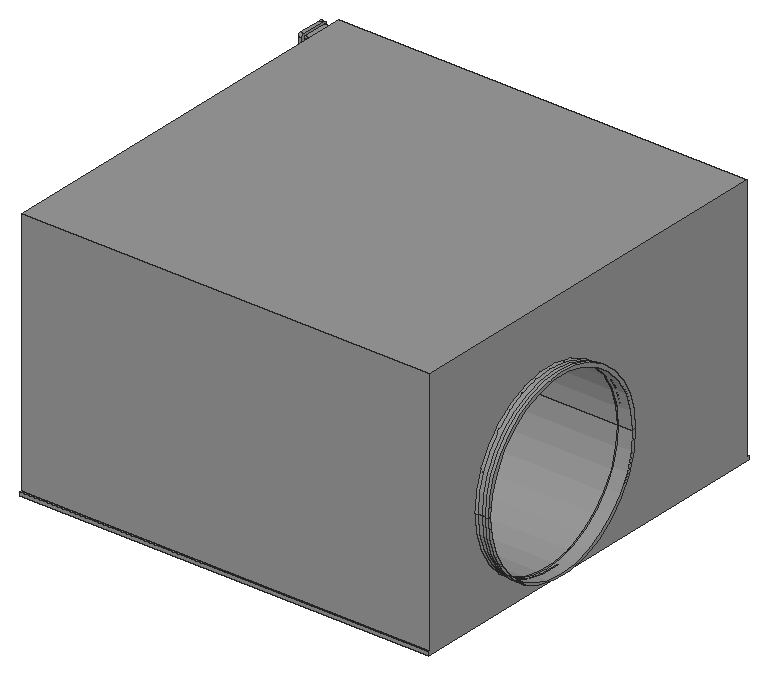
Revit family "IRB 500 E3 ErP AC_7890119", category Mechanical Equipment, Revit 2014
Parameters (values of type "IRB 500 E3 ErP AC")
  Wiring diagram = "Y 4040004 / Δ 4040003"
  Width = 1214 mm
  Weight = 89.20 kg
  Voltage range = "380-415 V"
  Voltage = 400 V
  Speed = "1371 rpm"
  Sound pressure level at 3 m = "58 dB(A)"
  Power = 1130 W
  Phase = 3
  Max. temperature of transported air when speed controlled = 60 °C
  Max. temperature of transported air = 60 °C
  Main Material = Steel, Galvanized
  Height = 1108 mm
  Frequency = 50 Hz
  Elevation [instance] = 2600 mm
  Diameter = 500 mm
  Description = "Insulated duct fans with circular connections"
  Depth = 697 mm
  Current = 2.58 A
  Capacitor = "- µF"
Reference planes
  plane 1 "Center (Front/Back)": y = 0
  plane 2: z = 0
  plane 3 "Center (Left/Right)": x = 0
  plane 4: z = 2600
Dimensions and locks
  "Elevation": plane 4 to plane 2
  aligned and locked: level to plane 2
  aligned and locked: plane 3 "Center (Left/Right)" to nested 1
  aligned and locked: plane 1 "Center (Front/Back)" to nested 1
  aligned and locked: nested 1 to nested 2  (x2)
  aligned and locked: nested 1 to plane 4
Nested families
  nested 1: "IRB" at (0, 0, 2600), type "IRB"
  nested 2: "Flow direction symbol" at (0, 0, 0), type "Flow direction symbol"
Connectors
  electrical at (-607, 502.5, 3245.5), driven by "Phase", driven by "Voltage", driven by "Power"
    settings: on nested 1, index 1, voltage 400 V, apparent load 0 VA, apparent load phase1 1130 VA, apparent load phase2 0 VA, apparent load phase3 0 VA, power factor 1, load classification "Other", number of poles 3, system type 31, power factor state 1, is connector primary yes, connector utility no, sub classification motor no, connector description ""
  hvac at (-607, -144.5, 2886), driven by "Diameter"
    settings: on nested 1, index 4, duct flow 0.0 L/s, flow factor 0, pres drop 0.0 Pa, loss coef 0, conn angle 0.00°, conn width 304.8 mm, conn height 304.8 mm, conn diameter 500 mm, duct sys type 1, conn prof type 0, flow config 0, flow direction 1, loss method 0, conn ref index -1, conn util no, is conn primary yes, conn desc ""
  hvac at (599, -144, 2886), driven by "Diameter"
    settings: on nested 1, index 5, duct flow 0.0 L/s, flow factor 0, pres drop 0.0 Pa, loss coef 0, conn angle 0.00°, conn width 304.8 mm, conn height 304.8 mm, conn diameter 500 mm, duct sys type 3, conn prof type 0, flow config 0, flow direction 2, loss method 0, conn ref index -1, conn util no, is conn primary no, conn desc ""
Definition of nested family "IRB"
  Parameters (values of type "IRB")
    Width = 1214 mm
    Main Material = Steel, Galvanized
    Height = 1108 mm
    Description = ""
    Depth = 697 mm
  Reference planes
    plane 1 "Center (Front/Back)": y = 0
    plane 2: z = 0
    plane 3 "Center (Left/Right)": x = 0
    plane 4: z = 697
    plane 5 "Horizontal Pipe Axis": z = 446
    plane 6: z = 10
    plane 7: z = 687
    plane 8: x = -565.5
    plane 9: x = 565.5
    plane 10: x = -607
    plane 11: x = 607
    plane 12: y = 554
    plane 13: y = -554
    plane 14: y = 544
    plane 15: x = -597
    plane 16: y = -144
    plane 17: z = 286
  Forms (mm)
    Extrusion 1, solid, material "Steel, Galvanized" <- "Main Material", detail levels medium+fine
      sketch origin (0, 0, 0) x (0, 1, 0) y (0, 0, 1)
        loop
          line (-554, 0) -> (554, 0) -> (554, 10) -> (549, 10) -> (549, 11) -> (549, 697) -> (-549, 697) -> (-549, 10) -> (-554, 10) -> (-554, 0)
      from -565.5 to 565.5
    Extrusion 2, void
      sketch origin (0, 64.5, -161.869) x (0, 1, 0) y (0, 0, 1)
        loop
          circle (-209.5, 446.497) r 247
      from -1429.857 to 1385.5
    Extrusion 3, solid, material "Steel, Galvanized" <- "Main Material", detail levels coarse
      sketch origin (0, 0, 0) x (0, 1, 0) y (0, 0, 1)
        loop
          line (554, 697) -> (-554, 697) -> (-554, 0) -> (554, 0) -> (554, 697)
      from -565.5 to 565.5
    Sweep 4, solid, material "Plastic, Opaque White", detail levels fine
      path origin (0, 0, 0) x (1, 0, 0) y (0, 1, 0)
        loop
          line (-597, 544) -> (-607, 544)
      profile origin (-602, 544, 0) x (0, -1, 0) y (0, 0, 1)
        loop
          arc (8.073, 687) -> (2.365, 684.635) -> (0, 678.927) r 8.073
          line (0, 678.927) -> (0, 612.073)
          arc (0, 612.073) -> (2.365, 606.365) -> (8.073, 604) r 8.073
          line (8.073, 604) -> (74.927, 604)
          arc (74.927, 604) -> (80.635, 606.365) -> (83, 612.073) r 8.073
          line (83, 612.073) -> (83, 678.927)
          arc (83, 678.927) -> (80.635, 684.635) -> (74.927, 687) r 8.073
          line (74.927, 687) -> (8.073, 687)
    Sweep 5, solid, material "Plastic, Opaque White", detail levels fine
      path origin (0, 0, 0) x (1, 0, 0) y (0, 1, 0)
        loop
          line (-597, 502.5) -> (-565.5, 502.5)
      profile origin (-581.25, 502.5, 0) x (0, 1, 0) y (0, 0, 1)
        loop
          line (33.427, 682) -> (-33.427, 682)
          arc (-33.427, 682) -> (-35.6, 681.1) -> (-36.5, 678.927) r 3.073
          line (-36.5, 678.927) -> (-36.5, 612.073)
          arc (-36.5, 612.073) -> (-35.6, 609.9) -> (-33.427, 609) r 3.073
          line (-33.427, 609) -> (33.427, 609)
          arc (33.427, 609) -> (35.6, 609.9) -> (36.5, 612.073) r 3.073
          line (36.5, 612.073) -> (36.5, 678.927)
          arc (36.5, 678.927) -> (35.6, 681.1) -> (33.427, 682) r 3.073
    Extrusion 6, void, detail levels medium+fine
      sketch origin (0, 64.5, -123.605) x (0, 1, 0) y (0, 0, 1)
        loop
          circle (-209.5, 407.499) r 248
      from -809.837 to 891.662
    Extrusion 7, solid, material "Steel, Galvanized" <- "Main Material", detail levels coarse
      sketch origin (0, 66, -116.163) x (0, 1, 0) y (0, 0, -1)
        loop
          circle (-208.916, -402.799) r 249
      from 565.5 to 607
    Extrusion 8, void
      sketch origin (0, 64.5, -122.872) x (0, 1, 0) y (0, 0, 1)
        loop
          circle (-209.5, 407.499) r 248
      from -809.837 to 700
    Revolve 9, solid, material "Steel, Galvanized" <- "Main Material", detail levels medium+fine
      sketch origin (0, 34.5, 286) x (-1, 0, 0) y (0, -1, 0)
        loop
          line (607, -75.416) -> (607, 178.5) -> (565.5, 178.5) -> (565.5, -71.416)
          arc (565.5, -71.416) -> (569.75, -73.416) -> (574, -71.416) r 5.516
          line (574, -71.416) -> (589, -71.416) -> (589, -73.416) -> (599, -73.416) -> (599, -75.416) -> (607, -75.416)
        axis (565.5, 178.5) -> (607, 178.5)
      angle from 0 to 360
    Extrusion 10, solid, material "Steel, Galvanized" <- "Main Material", detail levels coarse
      sketch origin (0, 66, -116.163) x (0, 1, 0) y (0, 0, 1)
        loop
          circle (-208.916, 402.799) r 249
      from 565.5 to 607
    Revolve 11, solid, material "Steel, Galvanized" <- "Main Material", detail levels medium+fine
      sketch origin (0, 34.5, 286) x (1, 0, 0) y (0, 1, 0)
        loop
          line (607, 75.416) -> (599, 75.416) -> (599, 73.416) -> (589, 73.416) -> (589, 71.416) -> (574, 71.416)
          arc (574, 71.416) -> (569.75, 73.416) -> (565.5, 71.416) r 5.516
          line (565.5, 71.416) -> (565.5, -178.5) -> (607, -178.5) -> (607, 75.416)
        axis (565.5, -178.5) -> (607, -178.5)
      angle from 0 to 360
  Cuts and joins
    Extrusion 2 cuts Extrusion 1
    joined: Sweep 4, Sweep 5
    Extrusion 6 cuts Extrusion 3
    Extrusion 8 cuts Revolve 9
    Extrusion 2 cuts Revolve 11
  Dimensions and locks
    equal spacing: plane 10, plane 3 "Center (Left/Right)", plane 11
    "Width": plane 10 to plane 11
    "Depth": plane 4 to level
    locked: plane 12 to plane 14 at 10
    locked: plane 4 to plane 7 at 10
    locked: plane 10 to plane 15 at 10
    locked: plane 10 to plane 8 at 41.5
    locked: plane 9 to plane 11 at 41.5
    locked: Sweep 5 sketch curve to plane 7 at 5
    locked: plane 14 to Sweep 5 sketch curve at 5
    plane 4 to plane 5 "Horizontal Pipe Axis" = 251 mm
    equal spacing: plane 12, plane 1 "Center (Front/Back)", plane 13
    "Height": plane 12 to plane 13
    aligned and locked: level to plane 2
    aligned and locked: Extrusion 1 sketch curve to plane 13
    aligned and locked: plane 2 to Extrusion 1 sketch curve
    aligned and locked: Extrusion 1 sketch curve to plane 12
    aligned and locked: Extrusion 1 to plane 9
    aligned and locked: Extrusion 1 to plane 8
    aligned and locked: plane 4 to Extrusion 3 sketch curve
    aligned and locked: plane 12 to Extrusion 3 sketch curve
    aligned and locked: Extrusion 3 to plane 8
    aligned and locked: Extrusion 3 to plane 9
    aligned and locked: plane 10 to Sweep 4 sketch curve
    aligned and locked: plane 15 to Sweep 4 sketch curve
    aligned and locked: Sweep 4 sketch curve to plane 7
    aligned and locked: Sweep 4 sketch curve to plane 14
    aligned and locked: plane 8 to Sweep 5 sketch curve
    aligned and locked: plane 15 to Sweep 5 sketch curve
  Automatic sketch dimensions
    Extrusion 1 sketch curve to plane 4 = 0 mm
    Extrusion 1 sketch curve to plane 6 = 0 mm  (x2)
    Extrusion 1 sketch curve to plane 13 = 5 mm
    Extrusion 1 sketch curve to plane 12 = 5 mm
    Extrusion 1 sketch curve to Extrusion 1 sketch curve = 1 mm
    Extrusion 2 sketch curve to plane 16 = 1 mm
    Extrusion 2 sketch curve to plane 17 = 1.372 mm
    Extrusion 3 sketch curve to plane 13 = 0 mm
    Extrusion 3 sketch curve to level = 0 mm
    Sweep 4 sketch curve to plane 14 = 0 mm
    Sweep 4 sketch curve to profile plane = 8.073 mm  (x2)
    Sweep 4 sketch curve to Sweep 4 sketch curve = 66.854 mm  (x3)
    Sweep 4 sketch curve to Sweep 4 sketch curve = 8.073 mm
    Sweep 5 sketch curve to plane 14 = 41.5 mm
    Sweep 5 sketch curve to Sweep 5 sketch curve = 3.073 mm  (x3)
    profile plane to Sweep 5 sketch curve = 33.427 mm  (x2)
    Sweep 5 sketch curve to Sweep 5 sketch curve = 66.854 mm
    Extrusion 6 sketch curve to plane 16 = 1 mm
    Extrusion 6 sketch curve to plane 17 = 2.106 mm
    plane 16 to Extrusion 7 sketch curve = 1.084 mm
    plane 17 to Extrusion 7 sketch curve = 0.636 mm
    Extrusion 8 sketch curve to plane 16 = 1 mm
    Extrusion 8 sketch curve to plane 17 = 1.372 mm
    Revolve 9 sketch curve to plane 8 = 0 mm  (x2)
    Revolve 9 sketch curve to plane 10 = 0 mm
    Revolve 9 sketch curve to plane 16 = 0 mm  (x2)
    Revolve 9 sketch curve to plane 8 = 4.25 mm
    Revolve 9 sketch curve to Revolve 9 sketch curve = 4.25 mm
    plane 15 to Revolve 9 sketch curve = 8 mm
    Revolve 9 sketch curve to plane 15 = 2 mm
    Revolve 9 sketch curve to plane 1 "Center (Front/Back)" = 102.4 mm
    Revolve 9 sketch curve to Revolve 9 sketch curve = 3.515 mm
    Revolve 9 sketch curve to Revolve 9 sketch curve = 2 mm  (x2)
    Revolve 9 sketch curve to Revolve 9 sketch curve = 93.5 mm
    plane 16 to Extrusion 10 sketch curve = 1.084 mm
    plane 17 to Extrusion 10 sketch curve = 0.636 mm
    Revolve 11 sketch curve to plane 9 = 0 mm  (x2)
    Revolve 11 sketch curve to plane 11 = 0 mm
    Revolve 11 sketch curve to plane 16 = 0 mm  (x2)
    Revolve 11 sketch curve to plane 9 = 4.25 mm
    Revolve 11 sketch curve to Revolve 11 sketch curve = 4.25 mm
    Revolve 11 sketch curve to Revolve 11 sketch curve = 15 mm
    plane 11 to Revolve 11 sketch curve = 8 mm
    Revolve 11 sketch curve to plane 1 "Center (Front/Back)" = 102.4 mm
    Revolve 11 sketch curve to Revolve 11 sketch curve = 3.515 mm
    Revolve 11 sketch curve to Revolve 11 sketch curve = 2 mm  (x2)
    Revolve 11 sketch curve to Revolve 11 sketch curve = 93.5 mm
    radius of Extrusion 2 sketch curve = 247 mm
    radius of Extrusion 6 sketch curve = 248 mm
    radius of Extrusion 7 sketch curve = 249 mm
    radius of Extrusion 8 sketch curve = 248 mm
    radius of Extrusion 10 sketch curve = 249 mm
Definition of nested family "Flow direction symbol"
  Parameters (values of type "Flow direction symbol")
    Warning = "!"
    Text = "DIMENSIONS OVERCONSTRAINT"
  Reference planes
    plane 1: y = 0
    plane 2: x = 0
  Lines and regions (mm)
    detail lines
      curve 1: line (-0.506, 0.877, 0) -> (-0.506, -0.877, 0)
      curve 2: line (1.012, 0, 0) -> (-0.506, -0.877, 0)
      curve 3: line (-0.506, 0.877, 0) -> (1.012, 0, 0)
      curve 4: circle (0, 0, 0) r 1 normal (0, 0, 1)
